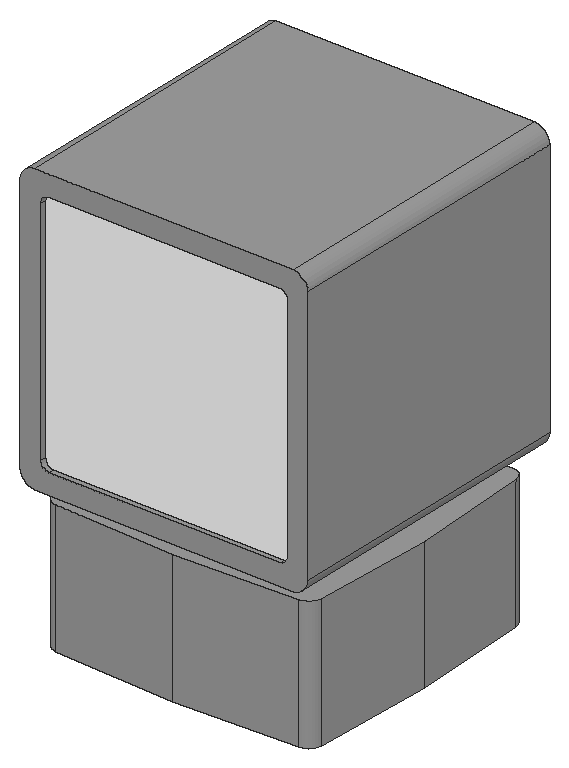
Revit family "3080092 Feilo Sylvania Lighting Fixtures INVERTO DIRECT WW 1-10V RUST", category Lighting Fixtures, host Face, Revit 2017
Family settings
  Host = Face
  Round Connector Dimension = Use Diameter
  Part Type = Normal
  Cut with Voids When Loaded = No
  Light Source = Yes
  Shared = No
  Room Calculation Point = No
Parameters (values of type "3080092 INVERTO DIRECT WW 1-10V RUST")
  Weight = "1.461 kg"
  Wattage Comments = "n/a"
  Wattage = 16 W
  WarrantyStartDate [instance] = "n/a"
  WarrantyGuarantorParts = "n/a"
  WarrantyDurationUnit = "n/a"
  WarrantyDurationParts = "n/a"
  WarrantyDescription = "n/a"
  built-in parameter 1150110 = 1 (stored number, unit not read)
  Voltage = 230 V
  URL = "http://www.sylvania-lighting.com"
  TypeName = "INVERTO DIRECT WW 1-10V RUST"
  Type Image = <None>
  Type Comments = "n/a"
  built-in parameter 1114217 = 1 (stored number, unit not read)
  Tilt Angle = -90.00°
  built-in parameter 1150109 = 1 (stored number, unit not read)
  built-in parameter 1150134 = (empty or 0)
  built-in parameter 1150113 = 1 (stored number, unit not read)
  SerialNumber [instance] = "n/a"
  PowerFactor = 0
  PowerConsumption = "16 W"
  Photometric Web File = "3080092.ies"
  NominalLength = 162 mm
  NominalHeight = 110 mm
  NominalDepth = 110 mm
  Name = "INVERTO DIRECT WW 1-10V RUST"
  ModelReference = "INVERTO DIRECT WW 1-10V RUST"
  ModelNumber = "3080092"
  Model = "INVERTO DIRECT WW 1-10V RUST"
  Material = "aluminium housing, glass diffuser"
  ManufacturerName = "Feilo Sylvania"
  Manufacturer = "Feilo Sylvania"
  LuminousEfficacy = "98 lm/W"
  built-in parameter 1150105 = 3145.3 (stored number, unit not read)
  Lumens = 1568 lm
  LuminaireType = ""
  built-in parameter 1150115 = 1 (stored number, unit not read)
  LightOutputRatio = "100"
  built-in parameter 1150137 = (empty or 0)
  built-in parameter 1150139 = (empty or 0)
  LampsType = Lamp  # "LED"
  LampNominalLuminous = "1566 / 1980 lm"
  LampMacAdamStep = "n/a"
  LampColourTemperature = "3000 K"
  LampColourRenderingIndex = "80"
  built-in parameter 1150112 = 1 (stored number, unit not read)
  built-in parameter 1150114 = 1 (stored number, unit not read)
  Lamp = "LED"
  Keynote = "16500"
  InstallationDate [instance] = "n/a"
  InputVoltage = "220-240V~"
  InputNominalFrequency = "50/60 Hz"
  built-in parameter 1150132 = 2
  built-in parameter 1150102 = (empty or 0)
  built-in parameter 1150107 = 3000 (stored number, unit not read)
  built-in parameter 1150138 = (empty or 0)
  IngressProtection = "IP65"
  ImpactProtectionIndex = "IK07"
  built-in parameter 1150106 = 31.453 (stored number, unit not read)
  IfcExportType = "IfcLightFixtureType"
  IfcExportAs = "IfcLightFixtureType"
  Housing material = Bronze, Architectural
  ExpectedLife = 50000
  Emit from Rectangle Width = 90 mm
  Emit from Rectangle Length = 90 mm
  Emit Shape Visible in Rendering = no
  ElectricShockClassification = "Class I"
  built-in parameter 1150104 = 9.1045 (stored number, unit not read)
  DurationUnit = "hours"
  DocumentationLiterature = "http://www.sylvania-lighting.com/product/en-int/products/3080092"
  DimmingControlOptions = "Dimmable"
  Dimming Lamp Color Temperature Shift = <None>
  Description = "Surface Wall mounted luminaire, wire to base with pluggable connection for easy installation,  suitable for looping, switchable driver, rust coloured aluminium housing, 1,617lm or 2,045lm, 16W or 19W, 102lm/W or 107lm/W, 3000K, 350mA or 450mA , CRI:80,  40° beam Angle, 1-10V dimmable, IP65, IK02, 50,000hrs (L70),  23.00x19.4x11.5mm."
  Default Elevation = 1219.2 mm
  CreatedOn = "17/11/2017"
  CreatedBy = ""
  Cost = 0
  Color Filter = 16777215
  built-in parameter 1114216 [instance] = (empty or 0)
  Calculate Coefficient of Utilization = no
  BarCode [instance] = "n/a"
  built-in parameter 1114218 = 1 (stored number, unit not read)
  built-in parameter 1150133 = 10 (stored number, unit not read)
  AssetType = "Fixed"
  AssetIdentifier [instance] = "n/a"
  Assembly Code = "D5020200"
  Apparent Load = 16 VA
Reference planes
  plane 1 "Center (Front/Back)": y = 0
  plane 2: z = 0
  plane 3 "Center (Left/Right)": x = 0
  plane 4: x = 51
  plane 5: x = -51
  plane 6: y = -51
  plane 7: y = 51
  plane 8: x = -55
  plane 9: x = 55
  plane 10: y = 55
  plane 11: y = -55
  plane 12: z = 48
  plane 13: z = 162
  plane 14: z = 52
  plane 15: y = -40
  plane 16: y = 40
  plane 17: x = -40
  plane 18: x = 40
  plane 19: z = 62
  plane 20: z = 152
  plane 21: x = -45
  plane 22: x = 45
  plane 23: y = 48.5
  plane 24: x = -48.5
  plane 25: x = 48.5
  plane 26: y = -48.5
  plane 27: z = 107
  plane 28: z = 159
  plane 29: x = -52
  plane 30: z = 55
  plane 31: x = 52
Forms (mm)
  Extrusion 1, solid, material "Default", detail levels medium+fine
    sketch origin (0, 0, 0) x (0, 1, 0) y (0, 0, 1)
      loop
        line (-51, 48) -> (-51, 0) -> (51, 0) -> (51, 48) -> (-51, 48)
    from -51 to 51
  Extrusion 2, solid, material "Default", detail levels medium+fine
    sketch origin (0, 0, 0) x (0, 1, 0) y (0, 0, 1)
      loop
        line (-40, 48) -> (40, 48) -> (40, 55) -> (-40, 55) -> (-40, 48)
    from -40 to 40
  Extrusion 3, void, detail levels medium+fine
    sketch origin (0, 0, 0) x (1, 0, 0) y (0, 1, 0)
      loop
        arc (-44.399, 48.906) -> (-22.224, 50.476) -> (0, 51) r 471.7
        line (0, 51) -> (-51, 51) -> (-51, 0)
        arc (-51, 0) -> (-50.476, 22.224) -> (-48.906, 44.399) r 471.7
        arc (-48.906, 44.399) -> (-47.464, 47.464) -> (-44.399, 48.906) r 5
    from 0 to 48
  Extrusion 4, void, detail levels medium+fine
    sketch origin (0, 0, 0) x (-1, 0, 0) y (0, -1, 0)
      loop
        arc (-44.399, -48.906) -> (-47.464, -47.464) -> (-48.906, -44.399) r 5
        arc (-48.906, -44.399) -> (-50.476, -22.224) -> (-51, 0) r 471.7
        line (-51, 0) -> (-51, -51) -> (0, -51)
        arc (0, -51) -> (-22.224, -50.476) -> (-44.399, -48.906) r 471.7
    from 0 to 48
  Extrusion 5, void, detail levels medium+fine
    sketch origin (0, 0, 0) x (1, 0, 0) y (0, 1, 0)
      loop
        arc (-44.399, -48.906) -> (-47.464, -47.464) -> (-48.906, -44.399) r 5
        arc (-48.906, -44.399) -> (-50.476, -22.224) -> (-51, 0) r 471.7
        line (-51, 0) -> (-51, -51) -> (0, -51)
        arc (0, -51) -> (-22.224, -50.476) -> (-44.399, -48.906) r 471.7
    from 0 to 48
  Extrusion 6, void, detail levels medium+fine
    sketch origin (0, 0, 0) x (-1, 0, 0) y (0, -1, 0)
      loop
        arc (-44.399, 48.906) -> (-22.224, 50.476) -> (0, 51) r 471.7
        line (0, 51) -> (-51, 51) -> (-51, 0)
        arc (-51, 0) -> (-50.476, 22.224) -> (-48.906, 44.399) r 471.7
        arc (-48.906, 44.399) -> (-47.464, 47.464) -> (-44.399, 48.906) r 5
    from 0 to 48
  Extrusion 7, solid, material "Default", detail levels medium+fine
    sketch origin (0, 0, 0) x (1, 0, 0) y (0, 0, 1)
      loop
        arc (-47.19, 159.531) -> (-50.806, 157.806) -> (-52.531, 154.19) r 6
        arc (-52.531, 154.19) -> (-55, 107) -> (-52.531, 59.81) r 452.167
        arc (-52.531, 59.81) -> (-50.806, 56.194) -> (-47.19, 54.469) r 6
        arc (-47.19, 54.469) -> (0, 52) -> (47.19, 54.469) r 452.167
        arc (47.19, 54.469) -> (50.806, 56.194) -> (52.531, 59.81) r 6
        arc (52.531, 59.81) -> (55, 107) -> (52.531, 154.19) r 452.167
        arc (52.531, 154.19) -> (50.806, 157.806) -> (47.19, 159.531) r 6
        arc (47.19, 159.531) -> (0, 162) -> (-47.19, 159.531) r 452.167
    from -55 to 55
  Extrusion 8, solid, material "Bronze, Architectural" <- "Housing material", detail levels coarse
    sketch origin (0, 0, 0) x (1, 0, 0) y (0, 0, 1)
      loop
        line (-55, 162) -> (-55, 52) -> (55, 52) -> (55, 162) -> (-55, 162)
    from -55 to 55
  Extrusion 9, void
    sketch origin (1524, -55, 1219.2) x (-1, 0, 0) y (0, 0, 1)
      loop
        line (1566, -1067.2) -> (1482, -1067.2)
        arc (1482, -1067.2) -> (1479.879, -1068.079) -> (1479, -1070.2) r 3
        line (1479, -1070.2) -> (1479, -1154.2)
        arc (1479, -1154.2) -> (1479.879, -1156.321) -> (1482, -1157.2) r 3
        line (1482, -1157.2) -> (1566, -1157.2)
        arc (1566, -1157.2) -> (1568.121, -1156.321) -> (1569, -1154.2) r 3
        line (1569, -1154.2) -> (1569, -1070.2)
        arc (1569, -1070.2) -> (1568.121, -1068.079) -> (1566, -1067.2) r 3
    from 0 to 4
  Extrusion 10, solid, material "Diffuser-Sylvania-Glow"
    sketch origin (1524, -51, 1219.2) x (1, 0, 0) y (0, 0, 1)
      loop
        line (-1566, -1157.2) -> (-1482, -1157.2)
        arc (-1482, -1157.2) -> (-1479.879, -1156.321) -> (-1479, -1154.2) r 3
        line (-1479, -1154.2) -> (-1479, -1070.2)
        arc (-1479, -1070.2) -> (-1479.879, -1068.079) -> (-1482, -1067.2) r 3
        line (-1482, -1067.2) -> (-1566, -1067.2)
        arc (-1566, -1067.2) -> (-1568.121, -1068.079) -> (-1569, -1070.2) r 3
        line (-1569, -1070.2) -> (-1569, -1154.2)
        arc (-1569, -1154.2) -> (-1568.121, -1156.321) -> (-1566, -1157.2) r 3
    from 0 to 2
  Extrusion 11, solid, material "Bronze, Architectural" <- "Housing material", detail levels coarse
    sketch origin (0, 0, 0) x (1, 0, 0) y (0, 1, 0)
      loop
        line (-51, 51) -> (-51, -51) -> (51, -51) -> (51, 51) -> (-51, 51)
    from 0 to 48
Cuts and joins
  Extrusion 3, Extrusion 4, Extrusion 5, Extrusion 6 cuts Extrusion 1
  Extrusion 9 cuts Extrusion 2
  Extrusion 9 cuts Extrusion 7
  joined: Extrusion 2, Extrusion 7
  Extrusion 9 cuts Extrusion 8
Dimensions and locks
  equal spacing: plane 5, plane 3 "Center (Left/Right)", plane 4
  locked: plane 5 to plane 4 at 102
  equal spacing: plane 6, plane 1 "Center (Front/Back)", plane 7
  locked: plane 6 to plane 7 at 102
  equal spacing: plane 11, plane 1 "Center (Front/Back)", plane 10
  locked: plane 11 to plane 10 at 110
  equal spacing: plane 8, plane 3 "Center (Left/Right)", plane 9
  locked: plane 8 to plane 9 at 110
  locked: plane 12 to plane 2 at 48
  locked: plane 12 to plane 14 at 4
  locked: plane 13 to plane 2 at 162
  equal spacing: plane 15, plane 1 "Center (Front/Back)", plane 16
  locked: plane 15 to plane 16 at 80
  equal spacing: plane 17, plane 3 "Center (Left/Right)", plane 18
  locked: plane 17 to plane 18 at 80
  locked: plane 19 to plane 14 at 10
  locked: plane 13 to plane 20 at 10
  locked: plane 21 to plane 8 at 10
  locked: plane 9 to plane 22 at 10
  plane 19 to plane 14 = 10 mm
  locked: plane 27 to plane 2 at 107
  locked: plane 29 to plane 8 at 3
  locked: plane 13 to plane 28 at 3
  locked: plane 9 to plane 31 at 3
  locked: plane 30 to plane 14 at 3
  aligned and locked: plane 2 to host face
  aligned and locked: level to host face
  aligned and locked: plane 12 to Extrusion 1 sketch curve
  aligned and locked: Extrusion 1 sketch curve to plane 6
  aligned and locked: level to Extrusion 1 sketch curve
  aligned and locked: plane 7 to Extrusion 1 sketch curve
  aligned and locked: plane 4 to Extrusion 1
  aligned and locked: Extrusion 1 to plane 5
  aligned and locked: plane 12 to Extrusion 2 sketch curve
  aligned and locked: plane 15 to Extrusion 2 sketch curve
  aligned and locked: Extrusion 2 sketch curve to plane 16
  aligned and locked: Extrusion 3 sketch curve to Extrusion 1
  aligned and locked: Extrusion 3 to level
  aligned and locked: Extrusion 3 to plane 12
  aligned and locked: Extrusion 7 to plane 10
  aligned and locked: plane 11 to Extrusion 7
  aligned and locked: Extrusion 2 to plane 30
  aligned and locked: plane 13 to Extrusion 8 sketch curve
  aligned and locked: Extrusion 8 sketch curve to plane 14
  aligned and locked: Extrusion 8 sketch curve to plane 9
  aligned and locked: plane 11 to Extrusion 8
  aligned and locked: Extrusion 8 to plane 10
  aligned and locked: Extrusion 9 sketch curve to plane 20
  aligned and locked: plane 19 to Extrusion 9 sketch curve
  aligned and locked: plane 11 to Extrusion 9
  aligned and locked: Extrusion 9 to plane 6
  aligned and locked: Extrusion 10 to plane 6
  aligned and locked: plane 22 to Extrusion 9 sketch curve
  aligned and locked: Extrusion 9 sketch curve to plane 21
  aligned and locked: plane 21 to Extrusion 10 sketch curve
  aligned and locked: Extrusion 10 sketch curve to plane 22
  aligned and locked: plane 7 to Extrusion 11 sketch curve
  aligned and locked: plane 5 to Extrusion 11 sketch curve
  aligned and locked: Extrusion 11 sketch curve to plane 6
  aligned and locked: Extrusion 11 sketch curve to plane 4
  aligned and locked: Extrusion 11 to level
  aligned and locked: Extrusion 11 to plane 12
  aligned and locked: imposter light to Extrusion 10
  aligned and locked: imposter light to plane 27
Automatic sketch dimensions
  host sketch curve to host sketch curve = 2438.4 mm  (x2)
  Extrusion 3 sketch curve to plane 3 "Center (Left/Right)" = 0 mm
  plane 1 "Center (Front/Back)" to Extrusion 3 sketch curve = 0 mm
  plane 7 to Extrusion 3 sketch curve = 0 mm
  plane 21 to Extrusion 3 sketch curve = 1.072 mm
  plane 9 to Extrusion 3 sketch curve = 365.7 mm
  plane 11 to Extrusion 3 sketch curve = 365.7 mm
  Extrusion 3 sketch curve to plane 16 = 3.928 mm
  Extrusion 3 sketch curve to Extrusion 3 sketch curve = 0 mm
  plane 1 "Center (Front/Back)" to Extrusion 4 sketch curve = 0 mm
  Extrusion 4 sketch curve to plane 4 = 0 mm
  Extrusion 4 sketch curve to plane 3 "Center (Left/Right)" = 0 mm
  plane 7 to Extrusion 4 sketch curve = 0 mm
  plane 22 to Extrusion 4 sketch curve = 1.072 mm
  plane 8 to Extrusion 4 sketch curve = 365.7 mm
  Extrusion 4 sketch curve to plane 11 = 365.7 mm
  plane 16 to Extrusion 4 sketch curve = 3.928 mm
  Extrusion 4 sketch curve to Extrusion 4 sketch curve = 0 mm
  plane 1 "Center (Front/Back)" to Extrusion 5 sketch curve = 0 mm
  Extrusion 5 sketch curve to plane 5 = 0 mm
  Extrusion 5 sketch curve to plane 3 "Center (Left/Right)" = 0 mm
  plane 6 to Extrusion 5 sketch curve = 0 mm
  Extrusion 5 sketch curve to plane 21 = 1.072 mm
  Extrusion 5 sketch curve to plane 9 = 365.7 mm
  plane 10 to Extrusion 5 sketch curve = 365.7 mm
  Extrusion 5 sketch curve to plane 15 = 3.928 mm
  Extrusion 5 sketch curve to Extrusion 5 sketch curve = 0 mm
  plane 1 "Center (Front/Back)" to Extrusion 6 sketch curve = 0 mm
  Extrusion 6 sketch curve to plane 4 = 0 mm
  Extrusion 6 sketch curve to plane 3 "Center (Left/Right)" = 0 mm
  plane 6 to Extrusion 6 sketch curve = 0 mm
  Extrusion 6 sketch curve to plane 22 = 1.072 mm
  Extrusion 6 sketch curve to plane 8 = 365.7 mm
  Extrusion 6 sketch curve to plane 10 = 365.7 mm
  plane 15 to Extrusion 6 sketch curve = 3.928 mm
  Extrusion 6 sketch curve to Extrusion 6 sketch curve = 0 mm
  Extrusion 7 sketch curve to plane 27 = 0 mm  (x2)
  Extrusion 7 sketch curve to plane 3 "Center (Left/Right)" = 0 mm  (x2)
  Extrusion 7 sketch curve to plane 8 = 342.167 mm
  Extrusion 7 sketch curve to plane 21 = 1.564 mm
  Extrusion 7 sketch curve to plane 17 = 6.564 mm
  plane 18 to Extrusion 7 sketch curve = 6.564 mm  (x2)
  plane 9 to Extrusion 7 sketch curve = 342.167 mm
  plane 19 to Extrusion 7 sketch curve = 1.564 mm  (x2)
  Extrusion 7 sketch curve to level = 290.167 mm
  Extrusion 7 sketch curve to plane 20 = 1.564 mm  (x2)
  Extrusion 7 sketch curve to plane 13 = 342.167 mm
  Extrusion 7 sketch curve to Extrusion 7 sketch curve = 0 mm  (x7)
  Extrusion 7 sketch curve to plane 29 = 0.531 mm
  Extrusion 2 sketch curve to plane 14 = 3 mm
  Extrusion 8 sketch curve to plane 8 = 0 mm
  plane 18 to Extrusion 9 sketch curve = 2 mm  (x2)
  Extrusion 9 sketch curve to plane 17 = 2 mm  (x2)
  Extrusion 10 sketch curve to plane 19 = 0 mm
  Extrusion 10 sketch curve to plane 20 = 0 mm
  Extrusion 10 sketch curve to plane 17 = 2 mm  (x2)
  plane 18 to Extrusion 10 sketch curve = 2 mm  (x2)
Connectors
  electrical at (0, 0, 0), driven by "Apparent Load"
    settings: index 1, voltage 230 V, apparent load 16 VA, apparent load phase1 0 VA, apparent load phase2 0 VA, apparent load phase3 0 VA, power factor 0, load classification "Lighting", number of poles 1, system type 30, power factor state 1, is connector primary yes, connector utility no, sub classification motor no, connector description ""
